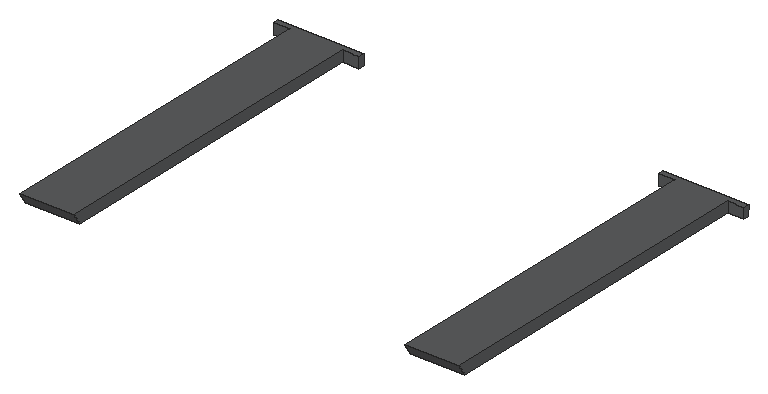
Revit family "Countertop-Supports_Centerline-Brackets_Island-Support-Bracket", category Casework, Revit 2023
Family settings
  OmniClass Number = 23.40.35.11
  OmniClass Title = Casework Components
  Work Plane-Based = No
  Always vertical = Yes
  Cut with Voids When Loaded = No
  Shared = No
  Room Calculation Point = No
Parameters (values of type "Load Type Catalog!")
  Width [instance] = Span  # 22"
  URL = "https://www.countertopbracket.com"
  Span [instance] = if(Number of Brackets = 1, 4", (Bracket Spacing * (Number of Brackets - 1)) + 4")  # 22"
  Product data url = "https://www.bimobject.com/centerline_brackets/product/island-support-bracket"
  Product Material = Centerline Brackets - Steel - Powder Coated - Black (B)
  Placement Height [instance] = 36"
  No of Brackets Control [instance] = if(Number of Brackets < 2, 2, Number of Brackets)  # 2
  Number of Brackets [instance] = 2
  Model = "Island Support Bracket"
  Maximum Spacing [instance] = 22"  # constant formula
  Manufacturer = "Centerline Brackets"  # constant formula
  Length = 16"
  Keynote = "12000"
  Height = 1/2"  # constant formula
  Finish Note = "When choosing an alternative finish, please remember to update the model number to reflect the chosen finish."  # constant formula
  Finish = "Available Powder Coat Finishes; White (W), Black (B)"  # constant formula
  Description = "Island Support Bracket"
  Depth = 4"  # constant formula
  Default Elevation = 0"
  Control [instance] = if(Number of Brackets < 2, 0", if(Bracket Spacing > Maximum Spacing, Maximum Spacing, Bracket Spacing))  # 18"
  Bracket Spacing [instance] = 18"
  Assembly Code = "E2010200"
Reference planes (in)
  plane 1 "Center (Front/Back)": y = 0
  plane 2: z = 0
  plane 3 "Center (Left/Right)": x = 0
  plane 4: z = 36
  plane 5: z = 35.5
  plane 6: y = -16
  plane 7: x = 0
  plane 8: x = 22
  plane 9: x = 18
Dimensions and locks (in)
  "Placement Height": plane 4 to plane 2
  "Height": plane 4 to plane 5
  "Length": plane 1 "Center (Front/Back)" to plane 6
  "Control": plane 7 to plane 9
  "Span": plane 7 to plane 8
  group 1 to group 2 = 18"
  group 1 to group 2 = 0"  (x2)
  aligned and locked: plane 2 to level
  aligned and locked: nested 1 to plane 4  (x2)
  aligned and locked: plane 7 to plane 3 "Center (Left/Right)"
  aligned and locked: plane 1 "Center (Front/Back)" to nested 1
  aligned and locked: plane 1 "Center (Front/Back)" to nested 2
  aligned and locked: nested 2 to plane 4
  aligned and locked: nested 1 to plane 7
  aligned and locked: nested 2 to plane 9
Nested families (in)
  nested 1: "IslandBracket" at (2, 0, 35.5), type "Geometry"
  nested 2: "IslandBracket" at (20, 0, 35.5), type "Geometry"
Definition of nested family "IslandBracket"
  Parameters (values of type "IslandBracket")
    URL = ""
    Product Material = none
    Manufacturer = ""
    Length = 16"
    Height = 1/2"
    Default Elevation = 0"
  Types (2): name
    IslandBracket
    Geometry
  Reference planes (in)
    plane 1 "Center (Front/Back)": y = 0
    plane 2: z = 0
    plane 3 "Center (Left/Right)": x = 0
    plane 4: y = -16
    plane 5: z = 0.5
    plane 6: x = 1.685
    plane 7: x = -1.685
    plane 8: z = 0.25
    plane 9: x = -2
    plane 10: x = 2
  Forms (in)
    Extrusion 1, solid, material <- "Product Material"
      sketch origin (0, 0, 0) x (0, 1, 0) y (0, 0, 1)
        loop
          line (-0.25, 0) -> (-0.25, 0.5) -> (-16, 0.5) -> (-15.6499, 0) -> (-0.25, 0)
      from -1.25 to 1.25
    Extrusion 2, solid, material <- "Product Material"
      sketch origin (0, 0, 0) x (0, 1, 0) y (0, 0, 1)
        loop
          line (0, 0.5) -> (-0.25, 0.5) -> (-0.25, 0) -> (0, 0) -> (0, 0.5)
      from -2 to 2
  Cuts and joins
    joined: Extrusion 1, Extrusion 2
  Lines and regions (in)
    Masking region 1
      outline origin (0, 0, 0) x (1, 0, 0) y (0, 1, 0)
        loop
          line (-2, 0) -> (-2, -0.25) -> (-1.25, -0.25) -> (-1.25, -16) -> (1.25, -16) -> (1.25, -0.25) -> (2, -0.25) -> (2, 0) -> (-2, 0)
    Masking region 2
      outline origin (0, 0, 0) x (1, 0, 0) y (0, 1, 0)
        loop
          line (-2, 0) -> (-2, -0.25) -> (-1.25, -0.25) -> (-1.25, -16) -> (1.25, -16) -> (1.25, -0.25) -> (2, -0.25) -> (2, 0) -> (-2, 0)
    model lines, detail levels medium+fine
      curve 1: circle (-1.685, -0.25, 0.25) r 0.1 normal (0, -1, 0)
      curve 2: circle (1.685, -0.25, 0.25) r 0.1 normal (0, -1, 0)
  Dimensions and locks (in)
    "Length": plane 1 "Center (Front/Back)" to plane 4
    "Height": plane 5 to plane 2
    locked: plane 1 "Center (Front/Back)" to Extrusion 1 sketch curve at 0.25
    locked: plane 1 "Center (Front/Back)" to Extrusion 2 sketch curve at 0.25
    locked: Masking region 1 sketch curve to plane 1 "Center (Front/Back)" at 0.25
    equal spacing: plane 5, plane 8, level
    equal spacing: plane 6, plane 3 "Center (Left/Right)", plane 7, locked at 1.685 each
    locked: Extrusion 1 sketch curve to plane 4 (angle 35.00°)
    aligned and locked: plane 2 to level
    aligned and locked: plane 4 to Extrusion 1 sketch curve
    aligned and locked: Extrusion 1 sketch curve to plane 5
    aligned and locked: plane 1 "Center (Front/Back)" to Masking region 1 sketch curve
    aligned and locked: plane 4 to Masking region 1 sketch curve
    aligned and locked: Extrusion 2 sketch curve to plane 5
    aligned and locked: plane 1 "Center (Front/Back)" to Extrusion 2 sketch curve
    aligned and locked: plane 2 to Extrusion 2 sketch curve
    aligned and locked: Masking region 1 sketch curve to Masking region 1 sketch curve
    aligned and locked: Masking region 2 sketch curve to Masking region 2 sketch curve
    aligned and locked: plane 7 to curve 1
    aligned and locked: plane 6 to curve 2
    aligned and locked: plane 8 to curve 2
    aligned and locked: plane 8 to curve 1
  Automatic sketch dimensions
    Extrusion 1 sketch curve to level = 0"
    Masking region 1 sketch curve to plane 3 "Center (Left/Right)" = 2"
    Masking region 1 sketch curve to plane 3 "Center (Left/Right)" = 1 1/4"
    plane 3 "Center (Left/Right)" to Masking region 1 sketch curve = 1 1/4"
    Masking region 1 sketch curve to Masking region 1 sketch curve = 3/4"
    plane 1 "Center (Front/Back)" to Masking region 2 sketch curve = 0"
    Masking region 2 sketch curve to plane 4 = 0"
    Masking region 2 sketch curve to plane 3 "Center (Left/Right)" = 2"
    Masking region 2 sketch curve to plane 3 "Center (Left/Right)" = 1 1/4"
    plane 3 "Center (Left/Right)" to Masking region 2 sketch curve = 1 1/4"
    Masking region 2 sketch curve to Masking region 2 sketch curve = 3/4"
    plane 1 "Center (Front/Back)" to Masking region 2 sketch curve = 1/4"
    radius of curve 1 = 0.1"
    radius of curve 2 = 0.1"
